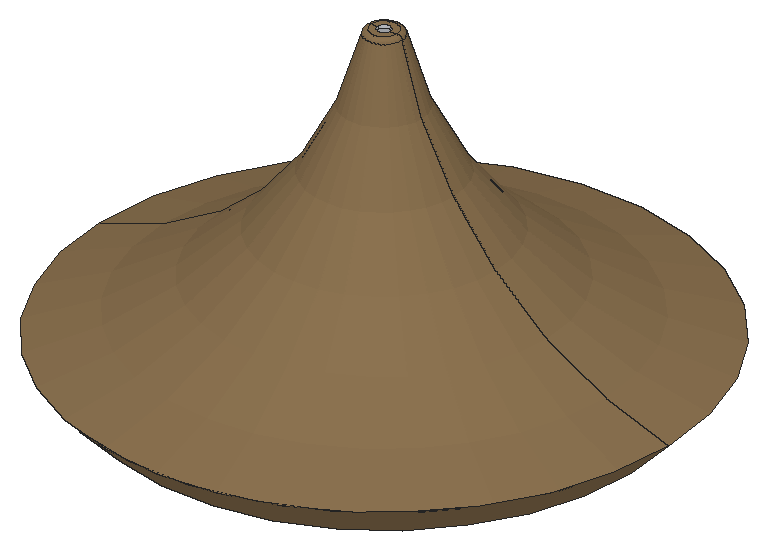
Revit family "PEM SHADE", category Lighting Fixtures, Revit 2024
Family settings
  Round Connector Dimension = Use Diameter
  Part Type = Normal
  OmniClass Number = 23.80.70.00
  OmniClass Title = Lighting
  Work Plane-Based = No
  Always vertical = Yes
  Cut with Voids When Loaded = No
  Light Source = Yes
  Maintain Annotation Orientation = No
  Shared = No
  Room Calculation Point = No
Parameters
  Wattage = 12.1178 W
  built-in parameter 1150110 = 1 (stored number, unit not read)
  built-in parameter 1114217 = 1 (stored number, unit not read)
  built-in parameter 1150109 = 1 (stored number, unit not read)
  built-in parameter 1150134 = (empty or 0)
  built-in parameter 1150113 = 1 (stored number, unit not read)
  Lumens = 1800 lm
  built-in parameter 1150115 = 1 (stored number, unit not read)
  built-in parameter 1150105 = 572.96 (stored number, unit not read)
  Light Source Symbol Size = 2' - 0"
  built-in parameter 1150137 = (empty or 0)
  built-in parameter 1150139 = (empty or 0)
  built-in parameter 1150112 = 1 (stored number, unit not read)
  built-in parameter 1150114 = 1 (stored number, unit not read)
  built-in parameter 1150132 = 2
  built-in parameter 1150102 = (empty or 0)
  built-in parameter 1150138 = (empty or 0)
  built-in parameter 1150107 = 3000 (stored number, unit not read)
  built-in parameter 1150106 = 5.7296 (stored number, unit not read)
  built-in parameter 1150104 = 13.8 (stored number, unit not read)
  Dimming Lamp Color Temperature Shift = (empty or 0)
  Default Elevation = 0' - 0"
  Color Filter = 16777215
  built-in parameter 1114218 = 1 (stored number, unit not read)
  built-in parameter 1150133 = 10 (stored number, unit not read)
Reference planes (in)
  plane 1 "Light Source Axis (F/B)": y = 0
  plane 2: z = 0
  plane 3 "Light Source Axis (L/R)": x = 0
  plane 4 "Light Source Elevation": z = 54
Forms (in)
  Revolve 1, solid
    sketch origin (0, 0, 0) x (1, 0, 0) y (0, 0, 1)
      loop
        line (-11, 55.43683) -> (-9.56317, 54) -> (-9.43059, 54) -> (-10.81427, 55.38369)
        arc (-10.81427, 55.38369) -> (-4.19589, 59.13161) -> (-0.59377, 65.83047) r 13.70949
        arc (-0.59377, 65.83047) -> (-0.56025, 65.88496) -> (-0.5, 65.90625) r 0.09591
        line (-0.5, 65.90625) -> (-0.25, 65.90625) -> (-0.25, 66) -> (-0.5, 66)
        arc (-0.5, 66) -> (-0.61915, 65.9579) -> (-0.6854, 65.8503) r 0.18966
        arc (-0.6854, 65.8503) -> (-4.32196, 59.13718) -> (-11, 55.43683) r 13.61574
      axis (0, 66) -> (0, 54)
    angle from 0 to 360
Dimensions and locks (in)
  aligned and locked: plane 3 "Light Source Axis (L/R)" to imposter light
  aligned and locked: plane 1 "Light Source Axis (F/B)" to imposter light
  aligned and locked: plane 4 "Light Source Elevation" to imposter light
  aligned and locked: level to plane 2
